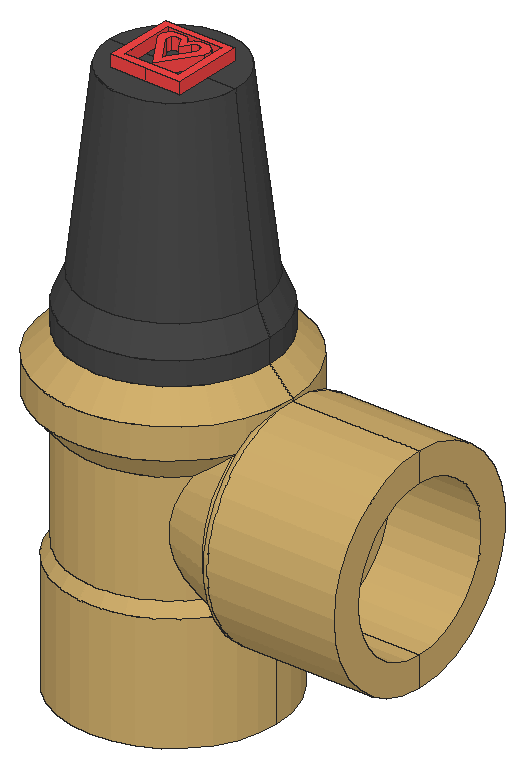
Revit family "Sicherheitsventil 26xx", category Rohrzubehör, Revit 2021
Family settings
  Bemaßung runder Anschluss = Durchmesser verwenden
  Teiletyp = Normal
  OmniClass-Nummer = 23.65.55.14
  OmniClass-Titel = Valves for Liquid Services
  Arbeitsebenenbasiert = Nein
  Immer vertikal = Ja
  Beim Laden mit Abzugskörper schneiden = Nein
  Gemeinsam genutzt = Nein
Parameters (values of type "PN8")
  min.Betriebstemp. = 0 °C  # constant formula
  max.Betriebstemp. = 110 °C  # constant formula
  interne Gewindeanschlüsse = "nach ISO 228-1"  # constant formula
  WS01 = 70.00°  # constant formula
  Vorgabe-Ansicht = 0.0000 mm
  URL = "www.herz-armaturen.at"
  Typenschild = "Kunststoff PA6"  # constant formula
  SCRNSEQ = "AWI;AWI_TYP=\"1015\";2"
  SCRNCODE = "05;21;02"  # constant formula
  S03 = 10.5000 mm  # constant formula
  S02 [instance] = H02 + H05  # 47.5000 mm
  S01 = 8.0000 mm  # constant formula
  R11 = 1.0000 mm  # constant formula
  R10 [instance] = (Nennweite Aus / 2) + 3.8000 mm  # 13.8000 mm
  R09 [instance] = Nennweite Aus / 2  # 10.0000 mm
  R08 [instance] = (Nennweite / 2) + 3.5000 mm  # 11.0000 mm
  R07 [instance] = R08 - 2.8000 mm  # 8.2000 mm
  R06 [instance] = Nennweite / 2  # 7.5000 mm
  R05 [instance] = Nennweite / 2  # 7.5000 mm
  R04 [instance] = if(PN1.8, size_lookup("26XX_PN1.8", "SW", 40.0000 mm, Nennweite), if(PN2.5, size_lookup("26XX_PN2.5", "SW", 40.0000 mm, Nennweite), if(PN3, size_lookup("26XX_PN3", "SW", 40.0000 mm, Nennweite), if(PN4, size_lookup("26XX_PN4", "SW", 40.0000 mm, Nennweite), if(PN5, size_lookup("26XX_PN5", "SW", 40.0000 mm, Nennweite), if(PN6, size_lookup("26XX_PN6", "SW", 40.0000 mm, Nennweite), if(PN8, size_lookup("26XX_PN8", "SW", 40.0000 mm, Nennweite), size_lookup("26XX_PN10", "SW", 269501.0000 mm, Nennweite))))))))  # 13.5000 mm
  R03 [instance] = (Nennweite / 2) + 5.0000 mm  # 12.5000 mm
  R02 [instance] = R04 + 2.0000 mm  # 15.5000 mm
  PN8 = yes
  PN6 = no
  PN5 = no
  PN4 = no
  PN3 = no
  PN2.5 = no
  PN10 = no
  PN1.8 = no
  Nennweite Aus [instance] = if(PN1.8, size_lookup("26XX_PN1.8", "DN1", 40.0000 mm, Nennweite), if(PN2.5, size_lookup("26XX_PN2.5", "DN1", 40.0000 mm, Nennweite), if(PN3, size_lookup("26XX_PN3", "DN1", 40.0000 mm, Nennweite), if(PN4, size_lookup("26XX_PN4", "DN1", 40.0000 mm, Nennweite), if(PN5, size_lookup("26XX_PN5", "DN1", 40.0000 mm, Nennweite), if(PN6, size_lookup("26XX_PN6", "DN1", 40.0000 mm, Nennweite), if(PN8, size_lookup("26XX_PN8", "DN1", 40.0000 mm, Nennweite), size_lookup("26XX_PN10", "DN1", 269501.0000 mm, Nennweite))))))))  # 20.0000 mm
  Nennweite [instance] = 15.0000 mm
  Membran = "VMQ-Silicom 50 Sha"  # constant formula
  L02 [instance] = if(PN1.8, size_lookup("26XX_PN1.8", "L2", 17.5000 mm, Nennweite), if(PN2.5, size_lookup("26XX_PN2.5", "L2", 17.5000 mm, Nennweite), if(PN3, size_lookup("26XX_PN3", "L2", 17.5000 mm, Nennweite), if(PN4, size_lookup("26XX_PN4", "L2", 17.5000 mm, Nennweite), if(PN5, size_lookup("26XX_PN5", "L2", 17.5000 mm, Nennweite), if(PN6, size_lookup("26XX_PN6", "L2", 17.5000 mm, Nennweite), if(PN8, size_lookup("26XX_PN8", "L2", 17.5000 mm, Nennweite), size_lookup("26XX_PN10", "L2", 269501.0000 mm, Nennweite))))))))  # 17.5000 mm
  L01 [instance] = if(PN1.8, size_lookup("26XX_PN1.8", "L1", 12.0000 mm, Nennweite), if(PN2.5, size_lookup("26XX_PN2.5", "L1", 12.0000 mm, Nennweite), if(PN3, size_lookup("26XX_PN3", "L1", 12.0000 mm, Nennweite), if(PN4, size_lookup("26XX_PN4", "L1", 12.0000 mm, Nennweite), if(PN5, size_lookup("26XX_PN5", "L1", 12.0000 mm, Nennweite), if(PN6, size_lookup("26XX_PN6", "L1", 12.0000 mm, Nennweite), if(PN8, size_lookup("26XX_PN8", "L1", 12.0000 mm, Nennweite), size_lookup("26XX_PN10", "L1", 269501.0000 mm, Nennweite))))))))  # 12.0000 mm
  L00 [instance] = if(PN1.8, size_lookup("26XX_PN1.8", "L", 52.0000 mm, Nennweite), if(PN2.5, size_lookup("26XX_PN2.5", "L", 52.0000 mm, Nennweite), if(PN3, size_lookup("26XX_PN3", "L", 52.0000 mm, Nennweite), if(PN4, size_lookup("26XX_PN4", "L", 52.0000 mm, Nennweite), if(PN5, size_lookup("26XX_PN5", "L", 52.0000 mm, Nennweite), if(PN6, size_lookup("26XX_PN6", "L", 52.0000 mm, Nennweite), if(PN8, size_lookup("26XX_PN8", "L", 52.0000 mm, Nennweite), size_lookup("26XX_PN10", "L", 269501.0000 mm, Nennweite))))))))  # 32.0000 mm
  Kappe = "Kunststoff PA6"  # constant formula
  H08 [instance] = if(PN1.8, size_lookup("26XX_PN1.8", "H8", 21.0000 mm, Nennweite), if(PN2.5, size_lookup("26XX_PN2.5", "H8", 21.0000 mm, Nennweite), if(PN3, size_lookup("26XX_PN3", "H8", 21.0000 mm, Nennweite), if(PN4, size_lookup("26XX_PN4", "H8", 21.0000 mm, Nennweite), if(PN5, size_lookup("26XX_PN5", "H8", 21.0000 mm, Nennweite), if(PN6, size_lookup("26XX_PN6", "H8", 21.0000 mm, Nennweite), if(PN8, size_lookup("26XX_PN8", "H8", 21.0000 mm, Nennweite), size_lookup("26XX_PN10", "H8", 269501.0000 mm, Nennweite))))))))  # 6.5000 mm
  H07 [instance] = if(PN1.8, size_lookup("26XX_PN1.8", "H7", 3.0000 mm, Nennweite), if(PN2.5, size_lookup("26XX_PN2.5", "H7", 3.0000 mm, Nennweite), if(PN3, size_lookup("26XX_PN3", "H7", 3.0000 mm, Nennweite), if(PN4, size_lookup("26XX_PN4", "H7", 3.0000 mm, Nennweite), if(PN5, size_lookup("26XX_PN5", "H7", 3.0000 mm, Nennweite), if(PN6, size_lookup("26XX_PN6", "H7", 3.0000 mm, Nennweite), if(PN8, size_lookup("26XX_PN8", "H7", 3.0000 mm, Nennweite), size_lookup("26XX_PN10", "H7", 269501.0000 mm, Nennweite))))))))  # 3.0000 mm
  H06 [instance] = if(PN1.8, size_lookup("26XX_PN1.8", "H6", 15.0000 mm, Nennweite), if(PN2.5, size_lookup("26XX_PN2.5", "H6", 15.0000 mm, Nennweite), if(PN3, size_lookup("26XX_PN3", "H6", 15.0000 mm, Nennweite), if(PN4, size_lookup("26XX_PN4", "H6", 15.0000 mm, Nennweite), if(PN5, size_lookup("26XX_PN5", "H6", 15.0000 mm, Nennweite), if(PN6, size_lookup("26XX_PN6", "H6", 15.0000 mm, Nennweite), if(PN8, size_lookup("26XX_PN8", "H6", 15.0000 mm, Nennweite), size_lookup("26XX_PN10", "H6", 269501.0000 mm, Nennweite))))))))  # 15.0000 mm
  H05 [instance] = if(PN1.8, size_lookup("26XX_PN1.8", "H5", 30.0000 mm, Nennweite), if(PN2.5, size_lookup("26XX_PN2.5", "H5", 30.0000 mm, Nennweite), if(PN3, size_lookup("26XX_PN3", "H5", 30.0000 mm, Nennweite), if(PN4, size_lookup("26XX_PN4", "H5", 30.0000 mm, Nennweite), if(PN5, size_lookup("26XX_PN5", "H5", 30.0000 mm, Nennweite), if(PN6, size_lookup("26XX_PN6", "H5", 30.0000 mm, Nennweite), if(PN8, size_lookup("26XX_PN8", "H5", 30.0000 mm, Nennweite), size_lookup("26XX_PN10", "H5", 269501.0000 mm, Nennweite))))))))  # 30.5000 mm
  H04 [instance] = if(PN1.8, size_lookup("26XX_PN1.8", "H4", 12.0000 mm, Nennweite), if(PN2.5, size_lookup("26XX_PN2.5", "H4", 12.0000 mm, Nennweite), if(PN3, size_lookup("26XX_PN3", "H4", 12.0000 mm, Nennweite), if(PN4, size_lookup("26XX_PN4", "H4", 12.0000 mm, Nennweite), if(PN5, size_lookup("26XX_PN5", "H4", 12.0000 mm, Nennweite), if(PN6, size_lookup("26XX_PN6", "H4", 12.0000 mm, Nennweite), if(PN8, size_lookup("26XX_PN8", "H4", 12.0000 mm, Nennweite), size_lookup("26XX_PN10", "H4", 269501.0000 mm, Nennweite))))))))  # 12.0000 mm
  H00 [instance] = if(PN1.8, size_lookup("26XX_PN1.8", "H", 72.0000 mm, Nennweite), if(PN2.5, size_lookup("26XX_PN2.5", "H", 72.0000 mm, Nennweite), if(PN3, size_lookup("26XX_PN3", "H", 72.0000 mm, Nennweite), if(PN4, size_lookup("26XX_PN4", "H", 72.0000 mm, Nennweite), if(PN5, size_lookup("26XX_PN5", "H", 72.0000 mm, Nennweite), if(PN6, size_lookup("26XX_PN6", "H", 72.0000 mm, Nennweite), if(PN8, size_lookup("26XX_PN8", "H", 72.0000 mm, Nennweite), size_lookup("26XX_PN10", "H", 269501.0000 mm, Nennweite))))))))  # 72.0000 mm
  H03 [instance] = if(PN1.8, size_lookup("26XX_PN1.8", "H3", 4.0000 mm, Nennweite), if(PN2.5, size_lookup("26XX_PN2.5", "H3", 4.0000 mm, Nennweite), if(PN3, size_lookup("26XX_PN3", "H3", 4.0000 mm, Nennweite), if(PN4, size_lookup("26XX_PN4", "H3", 4.0000 mm, Nennweite), if(PN5, size_lookup("26XX_PN5", "H3", 4.0000 mm, Nennweite), if(PN6, size_lookup("26XX_PN6", "H3", 4.0000 mm, Nennweite), if(PN8, size_lookup("26XX_PN8", "H3", 4.0000 mm, Nennweite), size_lookup("26XX_PN10", "H3", 269501.0000 mm, Nennweite))))))))  # 4.0000 mm
  H02 [instance] = H00 - (H01 + H05)  # 17.0000 mm
  H01 [instance] = if(PN1.8, size_lookup("26XX_PN1.8", "H1", 30.0000 mm, Nennweite), if(PN2.5, size_lookup("26XX_PN2.5", "H1", 30.0000 mm, Nennweite), if(PN3, size_lookup("26XX_PN3", "H1", 30.0000 mm, Nennweite), if(PN4, size_lookup("26XX_PN4", "H1", 30.0000 mm, Nennweite), if(PN5, size_lookup("26XX_PN5", "H1", 30.0000 mm, Nennweite), if(PN6, size_lookup("26XX_PN6", "H1", 30.0000 mm, Nennweite), if(PN8, size_lookup("26XX_PN8", "H1", 30.0000 mm, Nennweite), size_lookup("26XX_PN10", "H1", 269501.0000 mm, Nennweite))))))))  # 24.5000 mm
  Hersteller = "Herz-Armaturen GmbH"  # constant formula
  Gewicht [instance] = if(PN1.8, size_lookup("26XX_PN1.8", "Gewicht", 0.19, Nennweite), if(PN2.5, size_lookup("26XX_PN2.5", "Gewicht", 0.19, Nennweite), if(PN3, size_lookup("26XX_PN3", "Gewicht", 0.19, Nennweite), if(PN4, size_lookup("26XX_PN4", "Gewicht", 0.19, Nennweite), if(PN5, size_lookup("26XX_PN5", "Gewicht", 0.19, Nennweite), if(PN6, size_lookup("26XX_PN6", "Gewicht", 0.19, Nennweite), if(PN8, size_lookup("26XX_PN8", "Gewicht", 0.19, Nennweite), size_lookup("26XX_PN10", "Gewicht", 269501, Nennweite))))))))  # 0.118
  Gehäuse = "geschmiedetes Messing nach EN 12165, CW 617N"  # constant formula
  Feder = "Federstahl W.Nr. 1.4310"  # constant formula
  DN32 [instance] = Nennweite = 32.0000 mm  # no
  DN25 [instance] = Nennweite = 25.0000 mm  # no
  DN20 [instance] = Nennweite = 20.0000 mm  # no
  DN15 [instance] = Nennweite = 15.0000 mm  # yes
  Bestellnummer [instance] = if(PN1.8, size_lookup("26XX_PN1.8", "Artnr", 0, Nennweite), if(PN2.5, size_lookup("26XX_PN2.5", "Artnr", 0, Nennweite), if(PN3, size_lookup("26XX_PN3", "Artnr", 0, Nennweite), if(PN4, size_lookup("26XX_PN4", "Artnr", 0, Nennweite), if(PN5, size_lookup("26XX_PN5", "Artnr", 0, Nennweite), if(PN6, size_lookup("26XX_PN6", "Artnr", 0, Nennweite), if(PN8, size_lookup("26XX_PN8", "Artnr", 0, Nennweite), size_lookup("26XX_PN10", "Artnr", 0, Nennweite))))))))  # 1268501
  Anwendungen = "HERZ Sicherheitsventil wird als Schutzelement an Zentralheizungskesseln und in geschlossenen Heizungsanlagen eingesetzt. Es schützt den Kessel und die Installation vor erhöhtem Druck. Der Öffnungsdruck ist gleich dem Nenndruck."
Types (9, lengths in mm): name | S02 | R10 | R09 | R08 | R07 | R06 | R05 | R04 | R03 | R02 | PN8 | PN6 | PN5 | PN4 | PN3 | PN2.5 | PN10 | PN1.8 | Nennweite Aus | Nennweite | L00 | H08 | H05 | H00 | H02 | H01 | Gewicht | DN32 | DN25 | DN20 | DN15 | Bestellnummer | Anwendungen
  (no name) | 47.5000 | 13.8000 | 10.0000 | 11.0000 | 8.2000 | 7.5000 | 7.5000 | 13.5000 | 12.5000 | 15.5000 | yes | no | no | no | no | no | no | no | 20.0000 | 15.0000 | 32.0000 | 6.5000 | 30.5000 | 72.0000 | 17.0000 | 24.5000 | 0.118 | no | no | no | yes | 1268501 | "HERZ Sicherheitsventil wird als Schutzelement an Zentralheizungskesseln und in geschlossenen Heizungsanlagen eingesetzt. Es schützt den Kessel und die Installation vor erhöhtem Druck. Der Öffnungsdruck ist gleich dem Nenndruck."
  PN1.8 | 44.7500 | 16.3000 | 12.5000 | 13.5000 | 10.7000 | 10.0000 | 10.0000 | 16.0000 | 15.0000 | 18.0000 | no | no | no | no | no | no | no | yes | 25.0000 | 20.0000 | 35.0000 | 9.7500 | 25.0000 | 72.0000 | 19.7500 | 27.2500 | 0.19 | no | no | yes | no | 1261802 | "HERZ Druckentlastungsventil wird als Schutzelement an Zentralheizungskesseln und in geschlossenen Heizungsanlagen eingesetzt. Es schützt den Kessel und die Installation vor erhöhtem Druck. Der Öffnungsdruck ist gleich dem Nenndruck."
  PN2.5 | 47.5000 | 13.8000 | 10.0000 | 11.0000 | 8.2000 | 7.5000 | 7.5000 | 13.5000 | 12.5000 | 15.5000 | no | no | no | no | no | yes | no | no | 20.0000 | 15.0000 | 32.0000 | 6.5000 | 30.5000 | 72.0000 | 17.0000 | 24.5000 | 0.118 | no | no | no | yes | 1261101 | "HERZ Druckentlastungsventil wird als Schutzelement an Zentralheizungskesseln und in geschlossenen Heizungsanlagen eingesetzt. Es schützt den Kessel und die Installation vor erhöhtem Druck. Der Öffnungsdruck ist gleich dem Nenndruck."
  PN3 | 64.2500 | 23.8000 | 20.0000 | 19.5000 | 16.7000 | 16.0000 | 16.0000 | 25.0000 | 21.0000 | 27.0000 | no | no | no | no | yes | no | no | no | 40.0000 | 32.0000 | 52.0000 | 21.5000 | 32.7500 | 97.0000 | 31.5000 | 32.7500 | 0.728 | yes | no | no | no | 1261004 | "HERZ Druckentlastungsventil wird als Schutzelement an Zentralheizungskesseln und in geschlossenen Heizungsanlagen eingesetzt. Es schützt den Kessel und die Installation vor erhöhtem Druck. Der Öffnungsdruck ist gleich dem Nenndruck."
  PN4 | 47.5000 | 13.8000 | 10.0000 | 11.0000 | 8.2000 | 7.5000 | 7.5000 | 13.5000 | 12.5000 | 15.5000 | no | no | no | yes | no | no | no | no | 20.0000 | 15.0000 | 32.0000 | 6.5000 | 30.5000 | 72.0000 | 17.0000 | 24.5000 | 0.118 | no | no | no | yes | 1261501 | "HERZ Druckentlastungsventil wird als Schutzelement an Zentralheizungskesseln und in geschlossenen Heizungsanlagen eingesetzt. Es schützt den Kessel und die Installation vor erhöhtem Druck. Der Öffnungsdruck ist gleich dem Nenndruck."
  PN5 | 67.0000 | 19.8000 | 16.0000 | 16.0000 | 13.2000 | 12.5000 | 12.5000 | 20.5000 | 17.5000 | 22.5000 | no | no | yes | no | no | no | no | no | 32.0000 | 25.0000 | 50.0000 | 13.0000 | 44.0000 | 97.0000 | 23.0000 | 30.0000 | 0.54 | no | yes | no | no | 1265703 | "HERZ Druckentlastungsventil wird als Schutzelement an Zentralheizungskesseln und in geschlossenen Heizungsanlagen eingesetzt. Es schützt den Kessel und die Installation vor erhöhtem Druck. Der Öffnungsdruck ist gleich dem Nenndruck."
  PN6 | 47.5000 | 13.8000 | 10.0000 | 11.0000 | 8.2000 | 7.5000 | 7.5000 | 13.5000 | 12.5000 | 15.5000 | no | yes | no | no | no | no | no | no | 20.0000 | 15.0000 | 32.0000 | 6.5000 | 30.5000 | 72.0000 | 17.0000 | 24.5000 | 0.118 | no | no | no | yes | 1261301 | "HERZ Druckentlastungsventil wird als Schutzelement an Zentralheizungskesseln und in geschlossenen Heizungsanlagen eingesetzt. Es schützt den Kessel und die Installation vor erhöhtem Druck. Der Öffnungsdruck ist gleich dem Nenndruck."
  PN8 | 47.5000 | 13.8000 | 10.0000 | 11.0000 | 8.2000 | 7.5000 | 7.5000 | 13.5000 | 12.5000 | 15.5000 | yes | no | no | no | no | no | no | no | 20.0000 | 15.0000 | 32.0000 | 6.5000 | 30.5000 | 72.0000 | 17.0000 | 24.5000 | 0.118 | no | no | no | yes | 1268501 | "HERZ Sicherheitsventil wird als Schutzelement an Zentralheizungskesseln und in geschlossenen Heizungsanlagen eingesetzt. Es schützt den Kessel und die Installation vor erhöhtem Druck. Der Öffnungsdruck ist gleich dem Nenndruck."
  PN10 | 47.5000 | 13.8000 | 10.0000 | 11.0000 | 8.2000 | 7.5000 | 7.5000 | 13.5000 | 12.5000 | 15.5000 | no | no | no | no | no | no | yes | no | 20.0000 | 15.0000 | 32.0000 | 6.5000 | 30.5000 | 72.0000 | 17.0000 | 24.5000 | 0.118 | no | no | no | yes | 1269501 | "HERZ Druckentlastungsventil wird als Schutzelement an Zentralheizungskesseln und in geschlossenen Heizungsanlagen eingesetzt. Es schützt den Kessel und die Installation vor erhöhtem Druck. Der Öffnungsdruck ist gleich dem Nenndruck."
Reference planes
  plane 1 "Mitte (Vorne/hinten)": y = 0
  plane 2: z = 0
  plane 3 "Mitte (Links/rechts)": x = 0
Forms (mm)
  Revolve 1, solid, material "Kunststoff schwarz", detail levels fine
    sketch origin (0, 0, 0) x (1, 0, 0) y (0, 0, 1)
      loop
        line (0, 47.5) -> (-8.2, 47.5) -> (-11, 23.493) -> (-12.5, 20) -> (-12.5, 17) -> (0, 17) -> (0, 47.5)
      axis (0, 47.5) -> (0, 17)
    angle from 0 to 360
  Revolve 2, solid, material "Messing", detail levels fine
    sketch origin (0, 0, 0) x (1, 0, 0) y (0, 0, 1)
      loop
        line (-15.5, 14) -> (-15.5, 10) -> (-12.5, 6.5) -> (-12.5, -7.886) -> (-13.5, -9.5) -> (-13.5, -24.5) -> (-7.5, -24.5) -> (-7.5, -12.5) -> (0, -12.5) -> (0, 17) -> (-12.5, 17) -> (-15.5, 14)
      axis (0, 17) -> (0, -24.5)
    angle from 0 to 360
  Revolve 3, solid, material "Messing", detail levels fine
    sketch origin (18.5, 0, 0) x (1, 0, 0) y (0, 0, 1)
      loop
        line (13.5, 10) -> (13.5, 13.8) -> (-3.06, 13.8)
        arc (-3.06, 13.8) -> (-3.634, 13.619) -> (-4, 13.142) r 1
        arc (-4, 13.142) -> (-4.293, 12.435) -> (-5, 12.142) r 1
        line (-5, 12.142) -> (-18.5, 7.5) -> (-18.5, 0) -> (1.5, 0) -> (1.5, 10) -> (13.5, 10)
      axis (-18.5, 0) -> (13.5, 0)
    angle from 0 to 360
Lines and regions (mm)
  model lines, detail levels coarse+medium
    curve 1: line (0.003, 0, -0.007) -> (0.003, 0, 47.5)
    curve 2: line (0.003, 0, -0.007) -> (-13.5, 0, -24.5)
    curve 3: line (-13.5, 0, -24.5) -> (13.5, 0, -24.5)
    curve 4: line (13.5, 0, -24.5) -> (0.003, 0, -0.007)
    curve 5: line (0.003, 0, -0.007) -> (32, 0, -13.8)
    curve 6: line (32, 0, -13.8) -> (32, 0, 13.8)
    curve 7: line (32, 0, 13.8) -> (0.003, 0, -0.007)
    curve 8: line (-10.5, 0, 48.643) -> (10.5, 0, 41)
    curve 9: line (-10.5, 0, 40.643) -> (10.5, 0, 33)
    curve 10: line (-10.5, 0, 32.643) -> (10.5, 0, 25)
    curve 11: line (-10.5, 0, 24.643) -> (10.5, 0, 17)
    curve 12: line (0, 0, 0) -> (32, 13.8, 0)
    curve 13: line (32, 13.8, 0) -> (32, -13.8, 0)
    curve 14: line (32, -13.8, 0) -> (0, 0, 0)
    curve 15: line (0, 0, 0) -> (-13.5, -24.5, 0)
    curve 16: line (-13.5, -24.5, 0) -> (13.5, -24.5, 0)
    curve 17: line (13.5, -24.5, 0) -> (0, 0, 0)
    curve 18: line (0, 0, 0) -> (0, 47.5, 0)
    curve 19: line (-10.5, 48.643, 0) -> (10.5, 41, 0)
    curve 20: line (-10.5, 40.643, 0) -> (10.5, 33, 0)
    curve 21: line (-10.5, 32.643, 0) -> (10.5, 25, 0)
    curve 22: line (-10.5, 24.643, 0) -> (10.5, 17, 0)
Dimensions and locks
  "R03": Revolve 2 sketch curve to Revolve 2 sketch curve  (x2)
  "R02": Revolve 2 sketch curve to Revolve 2 sketch curve
  "R04": Revolve 2 sketch curve to Revolve 2 sketch curve
  "R05": Revolve 2 sketch curve to Revolve 2 sketch curve
  "H01": level to Revolve 2 sketch curve
  "H02": Revolve 2 sketch curve to level
  "R03": Revolve 1 sketch curve to Revolve 1 sketch curve
  "R07": Revolve 1 sketch curve to Revolve 1 sketch curve
  "R08": Revolve 1 sketch curve to Revolve 1 sketch curve
  "R06": Revolve 3 sketch curve to Revolve 3 sketch curve
  "R09": Revolve 3 sketch curve to Revolve 3 sketch curve
  "R10": Revolve 3 sketch curve to Revolve 3 sketch curve
  "L00": Revolve 3 sketch curve to Revolve 3 sketch curve
  "H05": Revolve 1 sketch curve to Revolve 1 sketch curve
  "L01": Revolve 3 sketch curve to Revolve 3 sketch curve
  "H04": Revolve 2 sketch curve to Revolve 2 sketch curve
  "L02": Revolve 3 sketch curve to Revolve 3 sketch curve
  "H06": Revolve 2 sketch curve to Revolve 2 sketch curve
  "H02": Revolve 1 sketch curve to plane 2
  "H00": Revolve 1 to Revolve 2
  "H07": Revolve 2 sketch curve to Revolve 2 sketch curve
  "H07": Revolve 1 sketch curve to Revolve 1 sketch curve
  "H08": Revolve 2 sketch curve to plane 2
  "S02": curve 1 to plane 2
  "H01": plane 2 to curve 3
  "R04": curve 4 to plane 3 "Mitte (Links/rechts)" to curve 3
  "L00": curve 6 to plane 3 "Mitte (Links/rechts)"
  "R10": curve 7 to plane 2 to curve 6
  "S03": curve 8 to plane 3 "Mitte (Links/rechts)" to curve 8
  "S01": curve 8 to curve 9
  "S01": curve 9 to curve 10
  "S01": curve 10 to curve 11
  "H02": curve 11 to plane 2
  "L00": plane 3 "Mitte (Links/rechts)" to curve 13
  "R10": curve 14 to plane 1 "Mitte (Vorne/hinten)" to curve 13
  "H01": curve 16 to plane 1 "Mitte (Vorne/hinten)"
  "R04": curve 16 to plane 3 "Mitte (Links/rechts)" to curve 17
  "S02": plane 1 "Mitte (Vorne/hinten)" to curve 18
  "S03": curve 19 to plane 3 "Mitte (Links/rechts)" to curve 19
  "S01": curve 19 to curve 20
  "S01": curve 20 to curve 21
  "S01": curve 21 to curve 22
  "H02": plane 1 "Mitte (Vorne/hinten)" to curve 22
  "S02": nested 1 to plane 2
  "R11": radius of Revolve 3 sketch curve  (x2)
  "WS01": angle plane 3 "Mitte (Links/rechts)" to curve 8
  "WS01": angle plane 3 "Mitte (Links/rechts)" to curve 9
  "WS01": angle plane 3 "Mitte (Links/rechts)" to curve 10
  "WS01": angle plane 3 "Mitte (Links/rechts)" to curve 11
  "WS01": angle plane 3 "Mitte (Links/rechts)" to curve 19
  "WS01": angle plane 3 "Mitte (Links/rechts)" to curve 20
  "WS01": angle plane 3 "Mitte (Links/rechts)" to curve 21
  "WS01": angle plane 3 "Mitte (Links/rechts)" to curve 22
  aligned and locked: level to plane 2
Automatic sketch dimensions
  plane 3 "Mitte (Links/rechts)" to curve 4 = 0.0034 mm
  curve 4 to level = 0.0072 mm
  curve 11 to plane 3 "Mitte (Links/rechts)" = 10.5000 mm
  curve 10 to curve 11 = 0.0000 mm
  curve 9 to curve 10 = 0.0000 mm
  plane 1 "Mitte (Vorne/hinten)" to curve 14 = 0.0000 mm
  curve 14 to plane 3 "Mitte (Links/rechts)" = 0.0000 mm
  curve 20 to curve 19 = 0.0000 mm
  curve 21 to curve 20 = 0.0000 mm
  curve 22 to curve 21 = 0.0000 mm
  Revolve 1 sketch curve to plane 3 "Mitte (Links/rechts)" = 0.0000 mm  (x2)
  Revolve 1 sketch curve to Revolve 1 sketch curve = 3.4935 mm
  Revolve 1 sketch curve to level = 366.0447 mm
  Revolve 1 sketch curve to Revolve 1 sketch curve = 0.0000 mm
  Revolve 2 sketch curve to plane 3 "Mitte (Links/rechts)" = 0.0000 mm  (x2)
  Revolve 2 sketch curve to Revolve 2 sketch curve = 1.6143 mm
  Revolve 2 sketch curve to Revolve 2 sketch curve = 4.0000 mm
  Revolve 2 sketch curve to Revolve 2 sketch curve = 336.0447 mm
  Revolve 2 sketch curve to Revolve 2 sketch curve = 2186.6924 mm
  Revolve 3 sketch curve to level = 0.0000 mm  (x2)
  Revolve 3 sketch curve to plane 3 "Mitte (Links/rechts)" = 0.0000 mm
  Revolve 3 sketch curve to Revolve 3 sketch curve = 0.9397 mm
  Revolve 3 sketch curve to Revolve 3 sketch curve = 1333.4903 mm
  Revolve 3 sketch curve to Revolve 3 sketch curve = 1867.4827 mm
Nested families
  nested 1: "Herz-Logo" at (0, 0, 47.5), type "Herz-Logo"
Connectors
  piping at (20, 0, 0), diameter 20, driven by "Nennweite Aus"
    settings: on Revolve 3, index 1, connector inside diameter 609.6 mm, connector length 0.0000 mm, flow factor 0, pipe flow 0.0 L/s, pressure drop 0.0 Pa, fitting loss kfactor 0, connector angle 0.00°, fixture units 0, engagement length 0.0000 mm, angle of deflection 0.00°, flow configuration 0, flow direction 2, fitting loss method 0, system type 29, joint type 0, gender type 0, connector reference index -1, connector utility 0, adjustable connector no, is connector primary yes, connector description ""
  piping at (0, 0, -12.5), diameter 15, driven by "Nennweite"
    settings: on Revolve 2, index 2, connector inside diameter 609.6 mm, connector length 0.0000 mm, flow factor 0, pipe flow 0.0 L/s, pressure drop 0.0 Pa, fitting loss kfactor 0, connector angle 0.00°, fixture units 0, engagement length 0.0000 mm, angle of deflection 0.00°, flow configuration 0, flow direction 1, fitting loss method 0, system type 29, joint type 0, gender type 0, connector reference index -1, connector utility 0, adjustable connector no, is connector primary no, connector description ""
Definition of nested family "Herz-Logo"
  Parameters (values of type "Herz-Logo")
    Default Elevation = 0.0000 mm
  Reference planes
    plane 1 "Mitte (Vorne/hinten)": y = 0
    plane 2: z = 0
    plane 3 "Mitte (Links/rechts)": x = 0
  Forms (mm)
    Extrusion 1, solid
      sketch origin (0, 0, 0) x (1, 0, 0) y (0, 1, 0)
        loop
          line (-0.018, -4.517) -> (4.482, -4.517) -> (4.482, 4.483) -> (-4.518, 4.483) -> (-4.518, -4.517) -> (-0.018, -4.517)
        loop
          line (-0.05, -3.48) -> (3.482, -3.48) -> (3.482, 3.483) -> (-3.518, 3.483) -> (-3.518, -3.48) -> (-0.05, -3.48)
        loop
          arc (-0.018, 2.383) -> (-1.543, 3.287) -> (-3.067, 2.383) r 1.738
          arc (-3.067, 2.383) -> (-3.191, 1.899) -> (-3.067, 1.415) r 1.009
          line (-3.067, 1.415) -> (-0.018, -3.281) -> (3.032, 1.415)
          arc (3.032, 1.415) -> (3.156, 1.899) -> (3.032, 2.383) r 1.009
          arc (3.032, 2.383) -> (1.507, 3.287) -> (-0.018, 2.383) r 1.738
        loop
          arc (1.885, 1.272) -> (2.005, 1.675) -> (1.885, 2.079) r 0.74
          arc (1.885, 2.079) -> (1.265, 2.416) -> (0.644, 2.079) r 0.74
          line (0.644, 2.079) -> (-0.018, 0.97) -> (-0.679, 2.079)
          arc (-0.679, 2.079) -> (-1.3, 2.416) -> (-1.921, 2.079) r 0.74
          arc (-1.921, 2.079) -> (-2.04, 1.675) -> (-1.921, 1.272) r 0.74
          line (-1.921, 1.272) -> (-0.018, -1.658) -> (1.885, 1.272)
      from 0 to 1.5
  Dimensions and locks
    aligned and locked: level to plane 2
